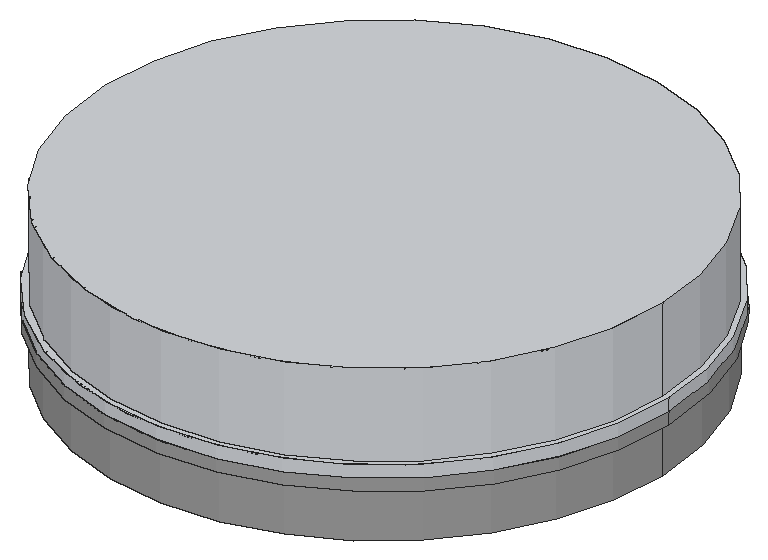
Revit family "7156", category Lighting Fixtures, Revit 2014
Parameters
  Wattage = 12.1178 W
  built-in parameter 1150110 = 1 (stored number, unit not read)
  built-in parameter 1114217 = 1 (stored number, unit not read)
  built-in parameter 1150109 = 1 (stored number, unit not read)
  built-in parameter 1150134 = (empty or 0)
  built-in parameter 1150113 = 1 (stored number, unit not read)
  Lumens = 1800 lm
  built-in parameter 1150115 = 1 (stored number, unit not read)
  built-in parameter 1150105 = 143.24 (stored number, unit not read)
  Light Source Symbol Size = 2' - 0"
  built-in parameter 1150137 = (empty or 0)
  built-in parameter 1150139 = (empty or 0)
  built-in parameter 1150112 = 1 (stored number, unit not read)
  built-in parameter 1150114 = 1 (stored number, unit not read)
  built-in parameter 1150132 = 2
  built-in parameter 1150102 = (empty or 0)
  built-in parameter 1150138 = (empty or 0)
  built-in parameter 1150107 = 3000 (stored number, unit not read)
  built-in parameter 1150106 = 1.4324 (stored number, unit not read)
  built-in parameter 1150104 = 13.8 (stored number, unit not read)
  Dimming Lamp Color Temperature Shift = (empty or 0)
  Color Filter = 16777215
  built-in parameter 1114218 = 1 (stored number, unit not read)
  built-in parameter 1150133 = 10 (stored number, unit not read)
Reference planes (in)
  plane 1 "Light Source Axis (F/B)": y = 0
  plane 2: z = 0
  plane 3 "Light Source Axis (L/R)": x = 0
  plane 4 "Light Source Elevation": z = -2
Forms (in)
  Extrusion 1, solid
    sketch origin (0, 0, 0) x (1, 0, 0) y (0, 1, 0)
      loop
        circle (0, 0) r 5.875
    from 0 to 1.75
  Extrusion 2, solid
    sketch origin (0, 0, 0) x (1, 0, 0) y (0, 1, 0)
      loop
        circle (0, 0) r 6
    from 0 to -0.25
  Revolve 3, solid, material "ARCYLIC-POLYCARBONATE"
    sketch origin (0, 0, 0) x (1, 0, 0) y (0, 0, 1)
      loop
        line (6.00508, -0.25) -> (0, -0.25) -> (0, -2.25) -> (4.5, -2.25) -> (5.88008, -1.5) -> (5.88008, -0.5) -> (6.00508, -0.5) -> (6.00508, -0.25)
      axis (0, -0.25) -> (0, -2.25)
    angle from 0 to 360
Dimensions and locks (in)
  aligned and locked: plane 3 "Light Source Axis (L/R)" to imposter light
  aligned and locked: plane 1 "Light Source Axis (F/B)" to imposter light
  aligned and locked: plane 4 "Light Source Elevation" to imposter light
  aligned and locked: level to plane 2
